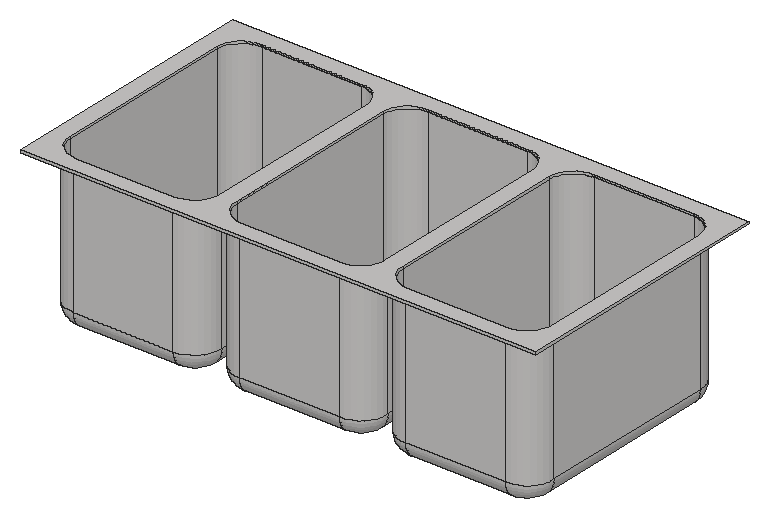
Revit family "QF_Vollrath_9103-1", category Specialty Equipment, Revit 2016
Family settings
  Part Type = Normal
  Round Connector Dimension = Use Diameter
  OmniClass Number = 23.40.40.14.31
  OmniClass Title = Cleaning and Disposal Equipment
  Work Plane-Based = Yes
  Always vertical = Yes
  Cut with Voids When Loaded = No
  Shared = No
  Room Calculation Point = No
Parameters
  Width = 2' - 7"
  Weight in Pounds = 0
  Watermarked By = "http://revitwatermark.com"
  URL Cutsheet = ""
  Status [instance] = ""
  Specification by User [instance] = ""
  Specification by Manufacturer [instance] = ""
  Sink Width = 2' - 5"
  Sink Depth = 1' - 2"
  Sink Basin Depth = 0' - 9 1/4"
  Serial Number [instance] = ""
  Seismic Rating [instance] = ""
  SMACNA No [instance] = ""
  Revision Code [instance] = ""
  NAFEM Spec ID Number [instance] = ""
  Model = "9103-1"
  Masterspec [instance] = ""
  Manufacturer = "Vollrath"
  Item Number [instance] = "-"
  Installed By [instance] = ""
  Indirect Waste Size = 2"
  Indirect Waste Flow [instance] = 0.00 GPM
  Indirect Waste Connection Type [instance] = ""
  Indirect Waste Connection Height [instance] = 0' - 0"
  Furnished By [instance] = ""
  Foodservice Equipment Identifier [instance] = yes
  Description = "Undermount Sink"  # constant formula
  Depth = 1' - 4"
  Default Elevation = 4' - 0"
  CSI MasterFormat = ""
Reference planes (in)
  plane 1 "BACK": y = 0
  plane 2 "BOTTOM": z = 0
  plane 3 "LEFT": x = 0
  plane 4 "RIGHT": x = 31
  plane 5 "FRONT": y = -16
  plane 6: x = 15.5
  plane 7: y = -8
  plane 8: y = -1
  plane 9: y = -15
  plane 10: x = 1
  plane 11: x = 30
  plane 12 "Sink Bottom": z = -9.25
  plane 13: x = 5.5
  plane 14: x = 25.5
  plane 15: x = 10
  plane 16: x = 11
  plane 17: x = 21
  plane 18: x = 20
  plane 19: y = -5.6875
Forms (in)
  Extrusion 1, solid, material "QF_Finishes_Stainless Steel"
    sketch origin (0, 0, 0) x (1, 0, 0) y (0, 1, 0)
      loop
        arc (1, -13.5) -> (1.43934, -14.56066) -> (2.5, -15) r 1.5
        line (2.5, -15) -> (8.5, -15)
        arc (8.5, -15) -> (9.56066, -14.56066) -> (10, -13.5) r 1.5
        line (10, -13.5) -> (10, -2.5)
        arc (10, -2.5) -> (9.56066, -1.43934) -> (8.5, -1) r 1.5
        line (8.5, -1) -> (2.5, -1)
        arc (2.5, -1) -> (1.43934, -1.43934) -> (1, -2.5) r 1.5
        line (1, -2.5) -> (1, -13.5)
      loop
        arc (30, -2.5) -> (29.56066, -1.43934) -> (28.5, -1) r 1.5
        line (28.5, -1) -> (22.5, -1)
        arc (22.5, -1) -> (21.43934, -1.43934) -> (21, -2.5) r 1.5
        line (21, -2.5) -> (21, -13.5)
        arc (21, -13.5) -> (21.43934, -14.56066) -> (22.5, -15) r 1.5
        line (22.5, -15) -> (28.5, -15)
        arc (28.5, -15) -> (29.56066, -14.56066) -> (30, -13.5) r 1.5
        line (30, -13.5) -> (30, -2.5)
      loop
        line (0, -16) -> (31, -16) -> (31, 0) -> (0, 0) -> (0, -16)
      loop
        arc (20, -2.5) -> (19.56066, -1.43934) -> (18.5, -1) r 1.5
        line (18.5, -1) -> (12.5, -1)
        arc (12.5, -1) -> (11.43934, -1.43934) -> (11, -2.5) r 1.5
        line (11, -2.5) -> (11, -13.5)
        arc (11, -13.5) -> (11.43934, -14.56066) -> (12.5, -15) r 1.5
        line (12.5, -15) -> (18.5, -15)
        arc (18.5, -15) -> (19.56066, -14.56066) -> (20, -13.5) r 1.5
        line (20, -13.5) -> (20, -2.5)
    from 0 to 0.125
  Sweep 2, solid, material "QF_Finishes_Stainless Steel"
    path in 3D
      loop
        arc (8.5, -1, 0.125) -> (9.56066, -1.43934, 0.125) -> (10, -2.5, 0.125) r 1.5
        line (10, -2.5, 0.125) -> (10, -13.5, 0.125)
        arc (10, -13.5, 0.125) -> (9.56066, -14.56066, 0.125) -> (8.5, -15, 0.125) r 1.5
        line (8.5, -15, 0.125) -> (2.5, -15, 0.125)
        arc (2.5, -15, 0.125) -> (1.43934, -14.56066, 0.125) -> (1, -13.5, 0.125) r 1.5
        line (1, -13.5, 0.125) -> (1, -2.5, 0.125)
        arc (1, -2.5, 0.125) -> (1.43934, -1.43934, 0.125) -> (2.5, -1, 0.125) r 1.5
        line (2.5, -1, 0.125) -> (8.5, -1, 0.125)
    profile origin (5.5, -1, 0.125) x (0, 1, 0) y (0, 0, 1)
      loop
        line (0.125, -0.125) -> (0, -0.125) -> (0, -8.25)
        arc (0, -8.25) -> (-0.29289, -8.95711) -> (-1, -9.25) r 1
        line (-1, -9.25) -> (-1, -9.375)
        arc (-1, -9.375) -> (-0.2045, -9.0455) -> (0.125, -8.25) r 1.125
        line (0.125, -8.25) -> (0.125, -0.125)
  Sweep 3, solid, material "QF_Finishes_Stainless Steel"
    path in 3D
      loop
        arc (18.5, -1, 0.125) -> (19.56066, -1.43934, 0.125) -> (20, -2.5, 0.125) r 1.5
        line (20, -2.5, 0.125) -> (20, -13.5, 0.125)
        arc (20, -13.5, 0.125) -> (19.56066, -14.56066, 0.125) -> (18.5, -15, 0.125) r 1.5
        line (18.5, -15, 0.125) -> (12.5, -15, 0.125)
        arc (12.5, -15, 0.125) -> (11.43934, -14.56066, 0.125) -> (11, -13.5, 0.125) r 1.5
        line (11, -13.5, 0.125) -> (11, -2.5, 0.125)
        arc (11, -2.5, 0.125) -> (11.43934, -1.43934, 0.125) -> (12.5, -1, 0.125) r 1.5
        line (12.5, -1, 0.125) -> (18.5, -1, 0.125)
    profile origin (15.5, -1, 0.125) x (0, 1, 0) y (0, 0, 1)
      loop
        line (0.125, -0.125) -> (0, -0.125) -> (0, -8.25)
        arc (0, -8.25) -> (-0.29289, -8.95711) -> (-1, -9.25) r 1
        line (-1, -9.25) -> (-1, -9.375)
        arc (-1, -9.375) -> (-0.2045, -9.0455) -> (0.125, -8.25) r 1.125
        line (0.125, -8.25) -> (0.125, -0.125)
  Sweep 4, solid, material "QF_Finishes_Stainless Steel"
    path in 3D
      loop
        arc (28.5, -1, 0.125) -> (29.56066, -1.43934, 0.125) -> (30, -2.5, 0.125) r 1.5
        line (30, -2.5, 0.125) -> (30, -13.5, 0.125)
        arc (30, -13.5, 0.125) -> (29.56066, -14.56066, 0.125) -> (28.5, -15, 0.125) r 1.5
        line (28.5, -15, 0.125) -> (22.5, -15, 0.125)
        arc (22.5, -15, 0.125) -> (21.43934, -14.56066, 0.125) -> (21, -13.5, 0.125) r 1.5
        line (21, -13.5, 0.125) -> (21, -2.5, 0.125)
        arc (21, -2.5, 0.125) -> (21.43934, -1.43934, 0.125) -> (22.5, -1, 0.125) r 1.5
        line (22.5, -1, 0.125) -> (28.5, -1, 0.125)
    profile origin (25.5, -1, 0.125) x (0, 1, 0) y (0, 0, 1)
      loop
        line (0.125, -0.125) -> (0, -0.125) -> (0, -8.25)
        arc (0, -8.25) -> (-0.29289, -8.95711) -> (-1, -9.25) r 1
        line (-1, -9.25) -> (-1, -9.375)
        arc (-1, -9.375) -> (-0.2045, -9.0455) -> (0.125, -8.25) r 1.125
        line (0.125, -8.25) -> (0.125, -0.125)
  Extrusion 5, solid, material "QF_Finishes_Stainless Steel"
    sketch origin (0, 0, -9.25) x (-1, 0, 0) y (0, -1, 0)
      loop
        line (-2.5, 14) -> (-8.5, 14)
        arc (-8.5, 14) -> (-8.85355, 13.85355) -> (-9, 13.5) r 0.5
        line (-9, 13.5) -> (-9, 2.5)
        arc (-9, 2.5) -> (-8.85355, 2.14645) -> (-8.5, 2) r 0.5
        line (-8.5, 2) -> (-2.5, 2)
        arc (-2.5, 2) -> (-2.14645, 2.14645) -> (-2, 2.5) r 0.5
        line (-2, 2.5) -> (-2, 13.5)
        arc (-2, 13.5) -> (-2.14645, 13.85355) -> (-2.5, 14) r 0.5
      loop
        line (-12.5, 14) -> (-18.5, 14)
        arc (-18.5, 14) -> (-18.85355, 13.85355) -> (-19, 13.5) r 0.5
        line (-19, 13.5) -> (-19, 2.5)
        arc (-19, 2.5) -> (-18.85355, 2.14645) -> (-18.5, 2) r 0.5
        line (-18.5, 2) -> (-12.5, 2)
        arc (-12.5, 2) -> (-12.14645, 2.14645) -> (-12, 2.5) r 0.5
        line (-12, 2.5) -> (-12, 13.5)
        arc (-12, 13.5) -> (-12.14645, 13.85355) -> (-12.5, 14) r 0.5
      loop
        line (-22.5, 14) -> (-28.5, 14)
        arc (-28.5, 14) -> (-28.85355, 13.85355) -> (-29, 13.5) r 0.5
        line (-29, 13.5) -> (-29, 2.5)
        arc (-29, 2.5) -> (-28.85355, 2.14645) -> (-28.5, 2) r 0.5
        line (-28.5, 2) -> (-22.5, 2)
        arc (-22.5, 2) -> (-22.14645, 2.14645) -> (-22, 2.5) r 0.5
        line (-22, 2.5) -> (-22, 13.5)
        arc (-22, 13.5) -> (-22.14645, 13.85355) -> (-22.5, 14) r 0.5
      loop
        circle (-5.5, 5.6875) r 1.75
      loop
        circle (-15.5, 5.6875) r 1.75
      loop
        circle (-25.5, 5.6875) r 1.75
    from 0 to 0.125
Lines and regions (in)
  sketch lines
    curve 1: line (2.5, -1, 0.125) -> (8.5, -1, 0.125)
    curve 2: arc (2.5, -1, 0.125) -> (1.43934, -1.43934, 0.125) -> (1, -2.5, 0.125) r 1.5
    curve 3: line (1, -13.5, 0.125) -> (1, -2.5, 0.125)
    curve 4: arc (1, -13.5, 0.125) -> (1.43934, -14.56066, 0.125) -> (2.5, -15, 0.125) r 1.5
    curve 5: line (8.5, -15, 0.125) -> (2.5, -15, 0.125)
    curve 6: arc (8.5, -15, 0.125) -> (9.56066, -14.56066, 0.125) -> (10, -13.5, 0.125) r 1.5
    curve 7: line (10, -2.5, 0.125) -> (10, -13.5, 0.125)
    curve 8: arc (10, -2.5, 0.125) -> (9.56066, -1.43934, 0.125) -> (8.5, -1, 0.125) r 1.5
    curve 9: line (12.5, -1, 0.125) -> (18.5, -1, 0.125)
    curve 10: arc (12.5, -1, 0.125) -> (11.43934, -1.43934, 0.125) -> (11, -2.5, 0.125) r 1.5
    curve 11: line (11, -13.5, 0.125) -> (11, -2.5, 0.125)
    curve 12: arc (11, -13.5, 0.125) -> (11.43934, -14.56066, 0.125) -> (12.5, -15, 0.125) r 1.5
    curve 13: line (18.5, -15, 0.125) -> (12.5, -15, 0.125)
    curve 14: arc (18.5, -15, 0.125) -> (19.56066, -14.56066, 0.125) -> (20, -13.5, 0.125) r 1.5
    curve 15: line (20, -2.5, 0.125) -> (20, -13.5, 0.125)
    curve 16: arc (20, -2.5, 0.125) -> (19.56066, -1.43934, 0.125) -> (18.5, -1, 0.125) r 1.5
    curve 17: line (22.5, -1, 0.125) -> (28.5, -1, 0.125)
    curve 18: arc (22.5, -1, 0.125) -> (21.43934, -1.43934, 0.125) -> (21, -2.5, 0.125) r 1.5
    curve 19: line (21, -13.5, 0.125) -> (21, -2.5, 0.125)
    curve 20: arc (21, -13.5, 0.125) -> (21.43934, -14.56066, 0.125) -> (22.5, -15, 0.125) r 1.5
    curve 21: line (28.5, -15, 0.125) -> (22.5, -15, 0.125)
    curve 22: arc (28.5, -15, 0.125) -> (29.56066, -14.56066, 0.125) -> (30, -13.5, 0.125) r 1.5
    curve 23: line (30, -2.5, 0.125) -> (30, -13.5, 0.125)
    curve 24: arc (30, -2.5, 0.125) -> (29.56066, -1.43934, 0.125) -> (28.5, -1, 0.125) r 1.5
  symbolic lines
    curve 25: line (0, 0, -9.25) -> (31, 0, -9.25)
    curve 26: line (0, -16, -9.25) -> (0, 0, -9.25)
    curve 27: line (31, -16, -9.25) -> (0, -16, -9.25)
    curve 28: line (31, 0, -9.25) -> (31, -16, -9.25)
  symbolic lines, style "QF_Surface Details"
    curve 29: circle (5.5, -5.6875, -9.25) r 1.75 normal (0, 0, -1)
    curve 30: circle (15.5, -5.6875, -9.25) r 1.75 normal (0, 0, -1)
    curve 31: circle (25.5, -5.6875, -9.25) r 1.75 normal (0, 0, -1)
    curve 32: line (8.5, -1, -9.25) -> (2.5, -1, -9.25)
    curve 33: arc (1, -2.5, -9.25) -> (1.43934, -1.43934, -9.25) -> (2.5, -1, -9.25) r 1.5
    curve 34: line (1, -2.5, -9.25) -> (1, -13.5, -9.25)
    curve 35: arc (2.5, -15, -9.25) -> (1.43934, -14.56066, -9.25) -> (1, -13.5, -9.25) r 1.5
    curve 36: line (2.5, -15, -9.25) -> (8.5, -15, -9.25)
    curve 37: arc (10, -13.5, -9.25) -> (9.56066, -14.56066, -9.25) -> (8.5, -15, -9.25) r 1.5
    curve 38: line (10, -13.5, -9.25) -> (10, -2.5, -9.25)
    curve 39: arc (8.5, -1, -9.25) -> (9.56066, -1.43934, -9.25) -> (10, -2.5, -9.25) r 1.5
    curve 40: arc (11, -2.5, -9.25) -> (11.43934, -1.43934, -9.25) -> (12.5, -1, -9.25) r 1.5
    curve 41: line (18.5, -1, -9.25) -> (12.5, -1, -9.25)
    curve 42: line (11, -2.5, -9.25) -> (11, -13.5, -9.25)
    curve 43: arc (12.5, -15, -9.25) -> (11.43934, -14.56066, -9.25) -> (11, -13.5, -9.25) r 1.5
    curve 44: line (12.5, -15, -9.25) -> (18.5, -15, -9.25)
    curve 45: arc (20, -13.5, -9.25) -> (19.56066, -14.56066, -9.25) -> (18.5, -15, -9.25) r 1.5
    curve 46: line (20, -13.5, -9.25) -> (20, -2.5, -9.25)
    curve 47: arc (18.5, -1, -9.25) -> (19.56066, -1.43934, -9.25) -> (20, -2.5, -9.25) r 1.5
    curve 48: arc (21, -2.5, -9.25) -> (21.43934, -1.43934, -9.25) -> (22.5, -1, -9.25) r 1.5
    curve 49: line (28.5, -1, -9.25) -> (22.5, -1, -9.25)
    curve 50: line (21, -2.5, -9.25) -> (21, -13.5, -9.25)
    curve 51: arc (22.5, -15, -9.25) -> (21.43934, -14.56066, -9.25) -> (21, -13.5, -9.25) r 1.5
    curve 52: line (22.5, -15, -9.25) -> (28.5, -15, -9.25)
    curve 53: arc (30, -13.5, -9.25) -> (29.56066, -14.56066, -9.25) -> (28.5, -15, -9.25) r 1.5
    curve 54: line (30, -13.5, -9.25) -> (30, -2.5, -9.25)
    curve 55: arc (28.5, -1, -9.25) -> (29.56066, -1.43934, -9.25) -> (30, -2.5, -9.25) r 1.5
Dimensions and locks (in)
  "Width": plane 3 "LEFT" to plane 4 "RIGHT"
  "Depth": plane 5 "FRONT" to plane 1 "BACK"
  "Sink Depth": plane 8 to plane 9
  equal spacing: plane 3 "LEFT", plane 6, plane 4 "RIGHT"
  equal spacing: plane 10, plane 6, plane 11
  "Sink Width": plane 10 to plane 11
  "Sink Basin Depth": level to plane 12 "Sink Bottom"
  equal spacing: plane 8, plane 7, plane 9
  plane 1 "BACK" to plane 8 = 0' - 1"
  plane 9 to plane 5 "FRONT" = 0' - 1"
  locked: plane 3 "LEFT" to plane 10 at 1
  plane 11 to plane 4 "RIGHT" = 0' - 1"
  equal spacing: plane 10, plane 13, plane 15
  equal spacing: plane 16, plane 6, plane 18
  equal spacing: plane 17, plane 14, plane 11
  plane 15 to plane 16 = 0' - 1"
  plane 18 to plane 17 = 0' - 1"
  plane 8 to plane 19 = 0' - 4 11/16"
  aligned and locked: level to plane 2 "BOTTOM"
  aligned and locked: Extrusion 1 sketch curve to plane 3 "LEFT"
  aligned and locked: plane 5 "FRONT" to Extrusion 1 sketch curve
  aligned and locked: plane 4 "RIGHT" to Extrusion 1 sketch curve
  aligned and locked: Extrusion 1 sketch curve to plane 1 "BACK"
  aligned and locked: Extrusion 5 sketch curve to Sweep 2  (x4)
  aligned and locked: Extrusion 5 sketch curve to Sweep 3  (x4)
  aligned and locked: Extrusion 5 sketch curve to Sweep 4  (x4)
Automatic sketch dimensions
  Extrusion 1 sketch curve to plane 9 = 0' - 0"  (x3)
  Extrusion 1 sketch curve to plane 8 = 0' - 0"  (x3)
  Extrusion 1 sketch curve to Extrusion 1 sketch curve = 0' - 1 1/2"  (x7)
  plane 10 to Extrusion 1 sketch curve = 0' - 1 1/2"
  Extrusion 1 sketch curve to plane 8 = 0' - 1 1/2"  (x2)
  Extrusion 1 sketch curve to Extrusion 1 sketch curve = 0' - 6"
  Extrusion 1 sketch curve to Extrusion 1 sketch curve = 0' - 1"  (x2)
  plane 6 to Extrusion 1 sketch curve = 0' - 3"  (x2)
  Extrusion 1 sketch curve to plane 11 = 0' - 1 1/2"
  Extrusion 1 sketch curve to plane 10 = 0' - 0"
  Extrusion 1 sketch curve to plane 11 = 0' - 0"
  Sweep 2 sketch curve to Sweep 2 sketch curve = 0' - 0"
  Sweep 2 sketch curve to profile plane = 0' - 0"
  profile plane to Sweep 2 sketch curve = 0' - 1"
  Sweep 2 sketch curve to Sweep 2 sketch curve = 0' - 0 1/8"
  Sweep 2 sketch curve to profile plane = 0' - 9 3/8"
  Sweep 2 sketch curve to profile plane = 0' - 0 1/8"
  Sweep 3 sketch curve to Sweep 3 sketch curve = 0' - 0"
  Sweep 3 sketch curve to profile plane = 0' - 0"
  profile plane to Sweep 3 sketch curve = 0' - 1"
  Sweep 3 sketch curve to Sweep 3 sketch curve = 0' - 0 1/8"
  Sweep 3 sketch curve to profile plane = 0' - 9 3/8"
  Sweep 3 sketch curve to profile plane = 0' - 0 1/8"
  Sweep 4 sketch curve to Sweep 4 sketch curve = 0' - 0"
  Sweep 4 sketch curve to profile plane = 0' - 0"
  profile plane to Sweep 4 sketch curve = 0' - 1"
  Sweep 4 sketch curve to Sweep 4 sketch curve = 0' - 0 1/8"
  Sweep 4 sketch curve to profile plane = 0' - 9 3/8"
  Sweep 4 sketch curve to profile plane = 0' - 0 1/8"
  plane 7 to Extrusion 5 sketch curve = 0' - 2 5/16"  (x3)
  Extrusion 5 sketch curve to plane 14 = 0' - 0"
  Extrusion 5 sketch curve to plane 6 = 0' - 0"
  Extrusion 5 sketch curve to plane 13 = 0' - 0"
  Extrusion 5 sketch curve to Extrusion 5 sketch curve = 0' - 0 1/2"  (x12)
  plane 1 "BACK" to curve 25 = 0' - 0"
  curve 25 to plane 4 "RIGHT" = 0' - 0"
  curve 31 to plane 14 = 0' - 0"
  curve 30 to plane 6 = 0' - 0"
  curve 29 to plane 13 = 0' - 0"
  curve 26 to plane 3 "LEFT" = 0' - 0"
  curve 31 to plane 19 = 0' - 0"
  curve 29 to plane 19 = 0' - 0"
  curve 30 to plane 19 = 0' - 0"
  plane 5 "FRONT" to curve 27 = 0' - 0"
  curve 32 to plane 8 = 0' - 0"
  curve 33 to plane 10 = 0' - 0"
  plane 15 to curve 32 = 0' - 1 1/2"
  curve 33 to plane 8 = 0' - 1 1/2"
  plane 9 to curve 34 = 0' - 1 1/2"
  curve 35 to plane 9 = 0' - 0"
  plane 15 to curve 36 = 0' - 1 1/2"
  curve 37 to plane 15 = 0' - 0"
  curve 41 to plane 8 = 0' - 0"
  curve 40 to plane 16 = 0' - 0"
  curve 40 to plane 16 = 0' - 1 1/2"
  curve 37 to curve 42 = 0' - 0"
  curve 43 to plane 9 = 0' - 0"
  plane 18 to curve 44 = 0' - 1 1/2"
  curve 45 to plane 18 = 0' - 0"
  curve 46 to plane 8 = 0' - 1 1/2"
  curve 49 to plane 8 = 0' - 0"
  curve 48 to plane 17 = 0' - 0"
  curve 49 to plane 17 = 0' - 1 1/2"
  curve 45 to curve 50 = 0' - 0"
  curve 51 to plane 9 = 0' - 0"
  curve 52 to plane 11 = 0' - 1 1/2"
  curve 53 to plane 11 = 0' - 0"
  curve 54 to plane 8 = 0' - 1 1/2"
  radius of Extrusion 5 sketch curve = 0' - 1 3/4"  (x3)
  radius of curve 29 = 0' - 1 3/4"
  radius of curve 30 = 0' - 1 3/4"
  radius of curve 31 = 0' - 1 3/4"
Connectors (in)
  piping at (15.5, -5.6875, -9.25), diameter 2, driven by "Indirect Waste Flow"
    settings: on Extrusion 5, index 2, connector inside diameter 2", connector length 0' - 0", flow factor 0, pipe flow 0.00 GPM, pressure drop 0.00 psi, fitting loss kfactor 0, connector angle 0.00°, fixture units 0, engagement length 0' - 0", angle of deflection 0.00°, flow configuration 1, flow direction 2, fitting loss method 0, system type 16, joint type 0, gender type 0, connector reference index -1, connector utility 0, adjustable connector no, is connector primary yes, connector description "IW"
  piping at (25.5, -5.6875, -9.25), diameter 2, driven by "Indirect Waste Flow"
    settings: on Extrusion 5, index 3, connector inside diameter 2", connector length 0' - 0", flow factor 0, pipe flow 0.00 GPM, pressure drop 0.00 psi, fitting loss kfactor 0, connector angle 0.00°, fixture units 0, engagement length 0' - 0", angle of deflection 0.00°, flow configuration 1, flow direction 2, fitting loss method 0, system type 16, joint type 0, gender type 0, connector reference index -1, connector utility 0, adjustable connector no, is connector primary no, connector description "IW"
  piping at (5.5, -5.6875, -9.25), diameter 2, driven by "Indirect Waste Flow"
    settings: on Extrusion 5, index 4, connector inside diameter 2", connector length 0' - 0", flow factor 0, pipe flow 0.00 GPM, pressure drop 0.00 psi, fitting loss kfactor 0, connector angle 0.00°, fixture units 0, engagement length 0' - 0", angle of deflection 0.00°, flow configuration 1, flow direction 2, fitting loss method 0, system type 16, joint type 0, gender type 0, connector reference index -1, connector utility 0, adjustable connector no, is connector primary no, connector description "IW"
